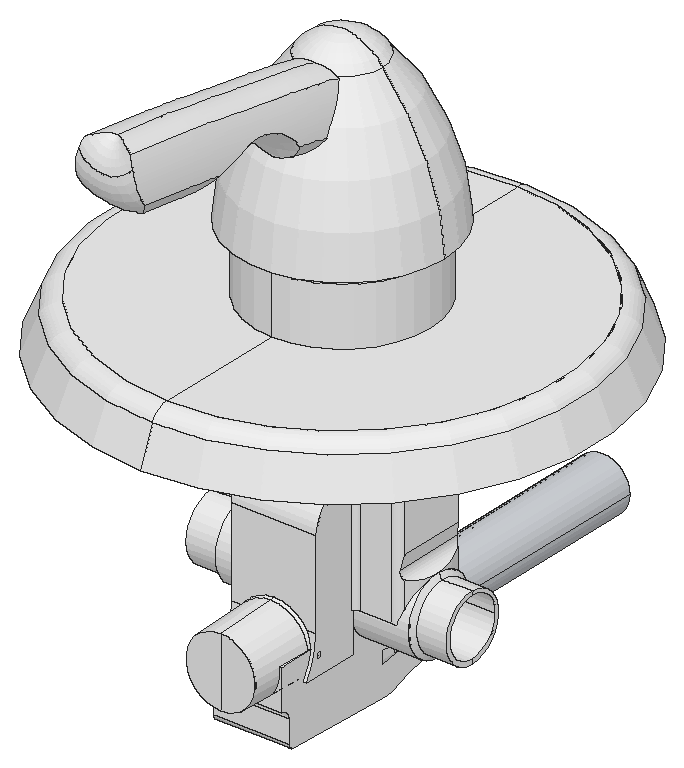
Revit family "S-9600-PLR", category Plumbing Fixtures, host Face, Revit 2021
Family settings
  Host = Face
  Round Connector Dimension = Use Diameter
  Part Type = Normal
  OmniClass Number = 23.65.70.11.11
  OmniClass Title = Fixtures for Liquids
  Cut with Voids When Loaded = No
  Shared = No
  Room Calculation Point = No
Parameters (values of type "1.2 GPM Flow Restrictor, Chrome")
  z Wide Lever = 0
  z Visibility = no
  z Valve = M Valve&diverter : Chrome
  z Type Model = 0
  z Type GPM = 0
  z Type Finish = 0
  z Type = 0
  z Slip On Tub = 0
  z Showerhead = shower head : Chrome
  z Reverse Core = 0
  z Pipe Radius = 0.000"
  z Overall Width = 0.000"
  z Overall Height = 0.000"
  z Overall Depth = 0.000"
  z Offset = 0.000"
  z Integral Service Stops = 0
  z Has Wide Lever Handle = no
  z Has Volume Control = no
  z Has Trim = no
  z Has Slip On Tub Spout = no
  z Has Showerhead = no
  z Has Reverse Core = no
  z Has Rebuild Kit Trim Only = no
  z Has Integral Service Stops = no
  z Has Check Stops = no
  z Has 2.0 GPM Flow Restrictor = no
  z Has 1.5 GPM Flow Restrictor = no
  z Has .5 Inch Female Connections = no
  z GPM Number = 0
  z GPM GPM = 0.000 GPM
  z Flow Rate = 0
  z Error Box Width = 0.000"
  z Error Box Height = 0.000"
  z Error Box Depth = 0.000"
  z .5 Inch Female Connections = 0
  z  Showerhead = 0
  Waste Connection = no
  Vent Connection = no
  URL = ""
  Product Material = Chrome - Symmons - Polished
  Model = ""
  Manufacturer = ""
  HW Connection = no
  Gallons Per Minute = 0.000 GPM
  Description = ""
  Default Elevation = 0.000"
  Date Modified = ""
  Date Created = ""
  CW Connection = no
Types (8): name | z Visibility | z Has Wide Lever Handle | z Has Volume Control | z Has Slip On Tub Spout | z Has Showerhead | z Has Reverse Core | z Has Integral Service Stops | z Has Check Stops | z Has 2.0 GPM Flow Restrictor | z Has 1.5 GPM Flow Restrictor | z Has .5 Inch Female Connections | Product Material | Gallons Per Minute
  1.2 GPM Flow Restrictor, Chrome | no | no | no | no | no | no | no | no | no | no | no | Chrome - Symmons - Polished | 0.000 GPM
  1.2 GPM Flow Restrictor, Satin Nickel | yes | yes | yes | yes | yes | yes | yes | yes | yes | yes | yes | Nickel - Symmons - Satin | 1.200 GPM
  1.5 GPM Flow Restrictor, Satin Nickel | yes | yes | yes | yes | yes | yes | yes | yes | yes | yes | yes | Nickel - Symmons - Satin | 1.500 GPM
  1.75 GPM Flow Restrictor, Satin Nickel | yes | yes | yes | yes | yes | yes | yes | yes | yes | yes | yes | Nickel - Symmons - Satin | 1.750 GPM
  2.0 GPM Flow Restrictor, Satin Nickel | yes | yes | yes | yes | yes | yes | yes | yes | yes | yes | yes | Nickel - Symmons - Satin | 0.000 GPM
  1.5 GPM Flow Restrictor, Chrome | yes | yes | yes | yes | yes | yes | yes | yes | yes | yes | yes | Chrome - Symmons - Polished | 1.500 GPM
  1.75 GPM Flow Restrictor, Chrome | yes | yes | yes | yes | yes | yes | yes | yes | yes | yes | yes | Chrome - Symmons - Polished | 1.750 GPM
  2.0 GPM Flow Restrictor, Chrome | yes | yes | yes | yes | yes | yes | yes | yes | yes | yes | yes | Chrome - Symmons - Polished | 2.000 GPM
Reference planes (in)
  plane 1 "Center (Front/Back)": y = 0
  plane 2 "Center (Elevation)": z = 0
  plane 3 "Center (Left/Right)": x = 0
  plane 4: x = -3.75
  plane 5: y = 28.5
  plane 6: x = 3.75
  plane 7: z = 0
  plane 8: z = 9.325
  plane 9: y = -12
  plane 10: y = 45
  plane 11: z = 0
Dimensions and locks (in)
  equal spacing: plane 4, plane 3 "Center (Left/Right)", plane 6
  plane 4 to plane 6 = 7.500"
  plane 5 to plane 1 "Center (Front/Back)" = 28.500"
  plane 7 to plane 2 "Center (Elevation)" = 0.000"
  plane 8 to plane 7 = 9.325"
  locked: plane 1 "Center (Front/Back)" to plane 9 at 12
  locked: plane 10 to plane 1 "Center (Front/Back)" at 45
  plane 11 to plane 7 = 0.000"
  plane 10 to plane 9 = 57.000"
  aligned and locked: plane 2 "Center (Elevation)" to host face
  aligned and locked: level to host face
Automatic sketch dimensions
  host sketch curve to host sketch curve = 7.44425"
  host sketch curve to host sketch curve = 9.07508"
Nested families (in)
  nested 1: "M Valve&diverter" at (-0.00649, 0.06617, 0), type "Satin Nickel"
    with zz Length 9 4.000", zz Length 10 0.100", Part Number "3500-CYL-B", Part Description "Shower Valve System with Symmons Temptrol mixing valve,Chrome", Equipment Number ""
Connectors (in)
  piping at (-0.06456, 3.81617, -3.0625), diameter 0.5
    settings: on nested 1, index 2, connector inside diameter 24", connector length 0.000", flow factor 0, pipe flow 0.000 GPM, pressure drop 0.00 psi, fitting loss kfactor 0, connector angle 0.000°, fixture units 0, engagement length 0.000", angle of deflection 0.000°, flow configuration 0, flow direction 2, fitting loss method 0, system type 29, joint type 0, gender type 0, connector reference index -1, connector utility 0, adjustable connector no, is connector primary yes, connector description "Mixed Water Out"
  piping at (-0.00649, -1.68583, -2.59375), diameter 0.5
    settings: on nested 1, index 4, connector inside diameter 24", connector length 0.000", flow factor 0, pipe flow 0.000 GPM, pressure drop 0.00 psi, fitting loss kfactor 0, connector angle 0.000°, fixture units 0, engagement length 0.000", angle of deflection 0.000°, flow configuration 0, flow direction 1, fitting loss method 0, system type 22, joint type 0, gender type 0, connector reference index -1, connector utility 0, adjustable connector no, is connector primary no, connector description "Tub Spout Supply"
  piping at (-1.50649, 0.12939, -2.3711), diameter 0.5
    settings: on nested 1, index 5, connector inside diameter 24", connector length 0.000", flow factor 0, pipe flow 0.000 GPM, pressure drop 0.00 psi, fitting loss kfactor 0, connector angle 0.000°, fixture units 0, engagement length 0.000", angle of deflection 0.000°, flow configuration 0, flow direction 1, fitting loss method 0, system type 20, joint type 0, gender type 0, connector reference index -1, connector utility 0, adjustable connector no, is connector primary no, connector description "Cold Water Supply"
  piping at (1.49351, 0.00028, -2.3711), diameter 0.5
    settings: on nested 1, index 6, connector inside diameter 24", connector length 0.000", flow factor 0, pipe flow 0.000 GPM, pressure drop 0.00 psi, fitting loss kfactor 0, connector angle 0.000°, fixture units 0, engagement length 0.000", angle of deflection 0.000°, flow configuration 0, flow direction 1, fitting loss method 0, system type 19, joint type 0, gender type 0, connector reference index -1, connector utility 0, adjustable connector no, is connector primary no, connector description "Hot Water Supply"
Definition of nested family "M Valve&diverter"
  Parameters (values of type "Satin Nickel")
    zz Text 2 = "None Selected"
    zz Text 1 = "None Selected"
    zz Length 9 [instance] = 4.000"
    zz Length 10 [instance] = 0.100"
    URL = ""
    Product Page URL = ""
    Product Material = none
    Product Documentation Link = ""
    Part Number [instance] = ""
    Part Description [instance] = ""
    Model Disclaimer = ""
    Model = ""
    Manufacturer = ""
    Family Version = ""
    Equipment Number [instance] = ""
    Equipment Abbreviation = ""
    Description = ""
    Default Elevation = 0.000"
    Date Modified = ""
    Date Created = ""
    Copyright = ""
  Types (2): name | zz Length 9 | zz Length 10
    Chrome | 0.000" | 0.000"
    Satin Nickel | 4.000" | 0.100"
  Reference planes (in)
    plane 1 "Center (Front/Back)": y = 0
    plane 2 "Center (Elevation)": z = 0
    plane 3 "Center (Left/Right)": x = 0
    plane 4: x = -16
    plane 5: y = 3.75
    plane 6: y = -3.75
    plane 7: x = 16
    plane 8: z = 0
    plane 9: x = 3.25
    plane 10: x = -3.25
    plane 11: y = -5.75
  Forms (in)
    Extrusion 1, solid, material <- "Product Material"
      sketch origin (0, 0, 0) x (1, 0, 0) y (0, 1, 0)
        loop
          line (-3.25, 3.75) -> (-3.25, -3.75) -> (3.25, -3.75) -> (3.25, 3.75) -> (-3.25, 3.75)
      from 0 to -0.49403
    Revolve 2, solid, material <- "Product Material"
      sketch origin (0, 0, 0) x (0, 1, 0) y (0, 0, 1)
        loop
          arc (0.78273, -0.21014) -> (0.79592, -0.17085) -> (0.83013, -0.14747) r 0.06513
          arc (0.83013, -0.14747) -> (0.84009, -0.12344) -> (0.84348, -0.09765) r 0.09964
          line (0.84348, -0.09765) -> (0.84348, 0) -> (0, 0) -> (0, -2.3428) -> (0.57152, -2.3428) -> (0.57152, -1.79847)
          arc (0.57152, -1.79847) -> (0.58367, -1.75995) -> (0.61571, -1.73536) r 0.06717
          arc (0.61571, -1.73536) -> (0.64467, -1.71314) -> (0.65565, -1.67832) r 0.06069
          line (0.65565, -1.67832) -> (0.65565, -1.20182)
          arc (0.65565, -1.20182) -> (0.6595, -1.17998) -> (0.67059, -1.16078) r 0.06385
          arc (0.67059, -1.16078) -> (0.68279, -1.13963) -> (0.68703, -1.11559) r 0.07029
          line (0.68703, -1.11559) -> (0.68703, -0.86559)
          arc (0.68703, -0.86559) -> (0.70132, -0.82632) -> (0.72818, -0.79431) r 0.12032
          arc (0.72818, -0.79431) -> (0.74375, -0.77402) -> (0.74929, -0.74906) r 0.05908
          line (0.74929, -0.74906) -> (0.74929, -0.5749)
          arc (0.74929, -0.5749) -> (0.7572, -0.52575) -> (0.78273, -0.48301) r 0.13217
          line (0.78273, -0.48301) -> (0.78273, -0.21014)
        axis (0, 0) -> (0, -2.3428)
      angle from 0 to 360
    Extrusion 3, solid, material <- "Product Material"
      sketch origin (0, 0, 0) x (1, 0, 0) y (0, 1, 0)
        loop
          line (0.48392, 0.42426) -> (0.48392, -0.48198)
          arc (0.48392, -0.48198) -> (0.50866, -0.44973) -> (0.54744, -0.4375) r 0.0676
          line (0.54744, -0.4375) -> (0.91492, -0.4375)
          arc (0.91492, -0.4375) -> (0.98057, -0.42784) -> (1.02672, -0.38015) r 0.10307
          arc (1.02672, -0.38015) -> (1.112, 0) -> (1.02672, 0.38015) r 0.88995
          arc (1.02672, 0.38015) -> (0.97002, 0.41289) -> (0.90554, 0.42426) r 0.18853
          line (0.90554, 0.42426) -> (0.48392, 0.42426)
      from -2.3428 to -0.48301
    Extrusion 4, void
      sketch origin (0, 0, 0) x (1, 0, 0) y (0, 0, 1)
        loop
          arc (1.12128, -0.64291) -> (1.05254, -0.69934) -> (1.02672, -0.78444) r 0.15319
          line (1.02672, -0.78444) -> (1.02672, -1.625) -> (1.00118, -1.76989)
          arc (1.00118, -1.76989) -> (1.0257, -1.88053) -> (1.12128, -1.94142) r 0.14807
          line (1.12128, -1.94142) -> (1.12128, -0.64291)
      from -0.53605 to 0.48198
    Extrusion 5, solid, material <- "Product Material"
      sketch origin (0, 0, 0) x (0, 1, 0) y (0, 0, 1)
        loop
          line (-0.45569, -0.88434) -> (-0.80233, -1.04779)
          arc (-0.80233, -1.04779) -> (-0.93476, -1.17702) -> (-0.98338, -1.35555) r 0.35209
          line (-0.98338, -1.35555) -> (-0.98338, -2.36089)
          arc (-0.98338, -2.36089) -> (-1.01729, -2.59628) -> (-1.11624, -2.81253) r 0.83411
          line (-1.11624, -2.81253) -> (-0.45569, -2.81253) -> (-0.45569, -0.88434)
      from -0.48892 to 0.48392
    Revolve 6, solid, material <- "Product Material"
      sketch origin (0, 0, 0) x (1, 0, 0) y (0, 0, 1)
        loop
          line (-1.5, -2.375) -> (0, -2.375) -> (0, -1.93862) -> (-1.11556, -1.93862) -> (-1.15085, -1.99974) -> (-1.5, -1.99974) -> (-1.5, -2.375)
        axis (-1.5, -2.375) -> (0, -2.375)
      angle from 0 to 360
    Revolve 7, solid, material <- "Product Material"
      sketch origin (0, 0, 0) x (-1, 0, 0) y (0, 0, 1)
        loop
          line (-1.5, -2.375) -> (0, -2.375) -> (0, -1.93862) -> (-1.11556, -1.93862) -> (-1.15085, -1.99974) -> (-1.5, -1.99974) -> (-1.5, -2.375)
        axis (-1.5, -2.375) -> (0, -2.375)
      angle from 0 to 360
    Revolve 8, solid, material <- "Product Material"
      sketch origin (0, 0, 0) x (0, 1, 0) y (0, 0, 1)
        loop
          line (-1.752, -2.59375) -> (-0.9385, -2.59375) -> (-0.92928, -2.10687) -> (-0.9625, -2.10687)
          arc (-0.9625, -2.10687) -> (-0.98073, -2.15089) -> (-1.02475, -2.16912) r 0.06225
          line (-1.02475, -2.16912) -> (-1.752, -2.19419) -> (-1.752, -2.59375)
        axis (-1.752, -2.59375) -> (-0.92928, -2.59375)
      angle from 0 to 360
    Extrusion 9, solid, material <- "Product Material"
      sketch origin (0, 0, 0) x (0, 1, 0) y (0, 0, 1)
        loop
          arc (-1.42289, -3.00473) -> (-1.34077, -3.03875) -> (-1.30675, -3.12087) r 0.11615
          line (-1.30675, -3.12087) -> (-1.30675, -3.38372)
          arc (-1.30675, -3.38372) -> (-1.28934, -3.42574) -> (-1.24732, -3.44315) r 0.05943
          line (-1.24732, -3.44315) -> (0, -3.5)
          arc (0, -3.5) -> (0.14006, -3.49083) -> (0.27481, -3.45154) r 0.64421
          arc (0.27481, -3.45154) -> (0.43086, -3.39856) -> (0.5925, -3.36642) r 1.25845
          line (0.5925, -3.36642) -> (0.5925, -2.61642)
          arc (0.5925, -2.61642) -> (0.48406, -2.62305) -> (0.41944, -2.53572) r 0.11385
          line (0.41944, -2.53572) -> (-1.42289, -2.53572) -> (-1.42289, -3.00473)
      from -0.435 to 0.435
    Revolve 10, solid, material <- "Product Material"
      sketch origin (0, 0, 0) x (0, 1, 0) y (0, 0, 1)
        loop
          line (3.75, -2.7503) -> (1.30968, -2.7503) -> (1.30968, -2.68666) -> (1.28596, -2.66294) -> (0.03673, -2.61932) -> (0.02125, -3.0625) -> (3.75, -3.0625) -> (3.75, -2.7503)
        axis (3.75, -3.0625) -> (0.02125, -3.0625)
      angle from 0 to 360
    Extrusion 11, void
      sketch origin (0, 0, 0) x (0, 1, 0) y (0, 0, 1)
        loop
          circle (0, -2.3685) r 0.32942
      from 1.02672 to 1.55897
    Extrusion 12, void
      sketch origin (0, 0, 0) x (0, 1, 0) y (0, 0, 1)
        loop
          circle (0, -2.3685) r 0.31609
      from -1.52114 to -1.11556
    Extrusion 13, void
      sketch origin (0, 0, 0) x (1, 0, 0) y (0, 0, 1)
        loop
          circle (0, -3.0625) r 0.29035
      from -3.97508 to -1.47369
    Extrusion 14, solid, material <- "Product Material"
      sketch origin (0, 0, 0) x (1, 0, 0) y (0, 1, 0)
        loop
          arc (1.08564, 0.21875) -> (1.02508, 0.24383) -> (1, 0.30439) r 0.08564
          line (1, 0.30439) -> (1, -0.30345)
          arc (1, -0.30345) -> (1.02481, -0.24356) -> (1.0847, -0.21875) r 0.0847
          line (1.0847, -0.21875) -> (1.43326, -0.21875)
          arc (1.43326, -0.21875) -> (1.47484, -0.20186) -> (1.5, -0.16471) r 0.07721
          line (1.5, -0.16471) -> (1.5, 0.15076)
          arc (1.5, 0.15076) -> (1.48008, 0.19883) -> (1.43201, 0.21875) r 0.06799
          line (1.43201, 0.21875) -> (1.08564, 0.21875)
      from -0.65249 to -0.48301
    Extrusion 15, solid, material <- "Product Material"
      sketch origin (0, 0, 0) x (-1, 0, 0) y (0, -1, 0)
        loop
          line (1.08564, -0.21875) -> (1.43201, -0.21875)
          arc (1.43201, -0.21875) -> (1.48008, -0.19883) -> (1.5, -0.15076) r 0.06799
          line (1.5, -0.15076) -> (1.5, 0.16471)
          arc (1.5, 0.16471) -> (1.47484, 0.20186) -> (1.43326, 0.21875) r 0.07721
          line (1.43326, 0.21875) -> (1.0847, 0.21875)
          arc (1.0847, 0.21875) -> (1.02481, 0.24356) -> (1, 0.30345) r 0.0847
          line (1, 0.30345) -> (1, -0.30439)
          arc (1, -0.30439) -> (1.02508, -0.24383) -> (1.08564, -0.21875) r 0.08564
      from -0.65249 to -0.48301
    Extrusion 16, solid, material <- "Product Material", not visible
      sketch origin (1.5, 0, -2.375) x (0, 1, 0) y (0, 0, 1)
        loop
          circle (0, 0) r 0.4
      from -2.74731 to 0
    Extrusion 17, solid
      sketch origin (0, 0, 0) x (1, 0, 0) y (0, 0, 1)
        loop
          circle (0, -3.0625) r 0.3122
      from -3.75 to -1.30968
  Cuts and joins
    Extrusion 4, Extrusion 11, Extrusion 12 cuts Extrusion 3
    Extrusion 11, Extrusion 12 cuts Revolve 2
    Extrusion 11, Extrusion 12, Extrusion 13 cuts Revolve 6
    Extrusion 11, Extrusion 12, Extrusion 13 cuts Revolve 7
    Extrusion 11, Extrusion 12, Extrusion 13 cuts Extrusion 9
    Extrusion 11, Extrusion 12, Extrusion 13 cuts Revolve 10
    Extrusion 13 cuts Revolve 8
  Dimensions and locks (in)
    equal spacing: plane 4, plane 3 "Center (Left/Right)", plane 7, locked at 16 each
    plane 4 to plane 7 = 32.000"
    equal spacing: plane 5, plane 1 "Center (Front/Back)", plane 6
    locked: plane 5 to plane 6 at 7.5
    equal spacing: plane 10, plane 3 "Center (Left/Right)", plane 9
    locked: plane 10 to plane 9 at 6.5
    locked: plane 6 to plane 11 at 2
    aligned and locked: plane 2 "Center (Elevation)" to Extrusion 1
    aligned and locked: level to Extrusion 1
  Automatic sketch dimensions
    Extrusion 1 sketch curve to Extrusion 1 sketch curve = 6.500"
    Extrusion 1 sketch curve to Extrusion 1 sketch curve = 7.500"
    Revolve 2 sketch curve to plane 1 "Center (Front/Back)" = 0.000"  (x2)
    Revolve 2 sketch curve to level = 0.000"  (x2)
    Revolve 2 sketch curve to plane 1 "Center (Front/Back)" = 0.57152"
    Revolve 2 sketch curve to Revolve 2 sketch curve = 0.02344"
    Revolve 2 sketch curve to Revolve 2 sketch curve = 0.02178"
    Revolve 2 sketch curve to Revolve 2 sketch curve = 0.06717"
    Revolve 2 sketch curve to Revolve 2 sketch curve = 0.03891"
    Revolve 2 sketch curve to Revolve 2 sketch curve = 0.07029"
    Revolve 2 sketch curve to Revolve 2 sketch curve = 0.00318"
    Revolve 2 sketch curve to Revolve 2 sketch curve = 0.06385"
    Revolve 2 sketch curve to level = 0.09765"
    Revolve 2 sketch curve to Revolve 2 sketch curve = 0.05364"
    Revolve 2 sketch curve to Revolve 2 sketch curve = 0.05908"
    Revolve 2 sketch curve to Revolve 2 sketch curve = 0.03345"
    Revolve 2 sketch curve to Revolve 2 sketch curve = 0.11849"
    Revolve 2 sketch curve to Revolve 2 sketch curve = 0.09964"
    Revolve 2 sketch curve to Revolve 2 sketch curve = 0.06513"
    Revolve 2 sketch curve to Revolve 2 sketch curve = 0.09866"
    Revolve 2 sketch curve to Revolve 2 sketch curve = 0.11248"
    Revolve 2 sketch curve to Revolve 2 sketch curve = 0.27287"
    Revolve 2 sketch curve to Revolve 2 sketch curve = 0.08794"
    Revolve 2 sketch curve to Revolve 2 sketch curve = 0.17415"
    Revolve 2 sketch curve to Revolve 2 sketch curve = 0.11653"
    Revolve 2 sketch curve to Revolve 2 sketch curve = 0.02089"
    Revolve 2 sketch curve to Revolve 2 sketch curve = 0.250"
    Revolve 2 sketch curve to Revolve 2 sketch curve = 0.08623"
    Revolve 2 sketch curve to Revolve 2 sketch curve = 0.47651"
    Revolve 2 sketch curve to Revolve 2 sketch curve = 0.12015"
    Revolve 2 sketch curve to Revolve 2 sketch curve = 0.54433"
    Revolve 2 sketch curve to Revolve 2 sketch curve = 1.54875"
    plane 1 "Center (Front/Back)" to Extrusion 3 sketch curve = 0.000"
    plane 3 "Center (Left/Right)" to Extrusion 3 sketch curve = 0.22205"
    plane 3 "Center (Left/Right)" to Extrusion 3 sketch curve = 0.48392"
    Extrusion 3 sketch curve to Extrusion 3 sketch curve = 0.06352"
    Extrusion 3 sketch curve to Extrusion 3 sketch curve = 0.42162"
    Extrusion 3 sketch curve to Extrusion 3 sketch curve = 0.36748"
    Extrusion 3 sketch curve to Extrusion 3 sketch curve = 0.01862"
    plane 1 "Center (Front/Back)" to Extrusion 3 sketch curve = 0.33613"
    Extrusion 3 sketch curve to Extrusion 3 sketch curve = 0.10137"
    Extrusion 3 sketch curve to Extrusion 3 sketch curve = 0.04448"
    Extrusion 3 sketch curve to plane 1 "Center (Front/Back)" = 0.23573"
    Extrusion 3 sketch curve to Extrusion 3 sketch curve = 0.18853"
    Extrusion 3 sketch curve to Extrusion 3 sketch curve = 0.12119"
    plane 3 "Center (Left/Right)" to Extrusion 4 sketch curve = 1.00118"
    Extrusion 4 sketch curve to Extrusion 4 sketch curve = 0.02555"
    Extrusion 4 sketch curve to Extrusion 4 sketch curve = 0.12011"
    Extrusion 4 sketch curve to Extrusion 4 sketch curve = 0.14582"  (x2)
    Extrusion 4 sketch curve to Extrusion 4 sketch curve = 0.15319"
    Extrusion 4 sketch curve to level = 1.94142"
    Extrusion 4 sketch curve to Extrusion 4 sketch curve = 0.14489"
    Extrusion 4 sketch curve to level = 0.78444"
    plane 1 "Center (Front/Back)" to Extrusion 5 sketch curve = 1.8175"
    Extrusion 5 sketch curve to Extrusion 5 sketch curve = 0.70126"
    plane 1 "Center (Front/Back)" to Extrusion 5 sketch curve = 0.98338"
    Extrusion 5 sketch curve to Extrusion 5 sketch curve = 0.18106"
    Extrusion 5 sketch curve to Extrusion 5 sketch curve = 0.17103"
    Extrusion 5 sketch curve to Extrusion 5 sketch curve = 0.34663"
    Extrusion 5 sketch curve to level = 2.81253"
    Extrusion 5 sketch curve to Extrusion 5 sketch curve = 1.00534"
    Extrusion 5 sketch curve to Extrusion 5 sketch curve = 0.16345"
    Revolve 6 sketch curve to plane 3 "Center (Left/Right)" = 0.000"  (x2)
    Revolve 6 sketch curve to plane 3 "Center (Left/Right)" = 1.11556"
    Revolve 6 sketch curve to Revolve 6 sketch curve = 0.03529"
    Revolve 6 sketch curve to Revolve 6 sketch curve = 0.34915"
    Revolve 6 sketch curve to level = 2.375"
    Revolve 6 sketch curve to Revolve 6 sketch curve = 0.37526"
    Revolve 6 sketch curve to Revolve 6 sketch curve = 0.43638"
    Revolve 6 sketch curve to Revolve 6 sketch curve = 0.000"  (x2)
    Revolve 7 sketch curve to plane 3 "Center (Left/Right)" = 0.000"  (x2)
    Revolve 7 sketch curve to Revolve 7 sketch curve = 1.11556"
    Revolve 7 sketch curve to Revolve 7 sketch curve = 0.03529"
    Revolve 7 sketch curve to Revolve 7 sketch curve = 0.34915"
    level to Revolve 7 sketch curve = 2.375"
    Revolve 7 sketch curve to Revolve 7 sketch curve = 0.37526"
    Revolve 7 sketch curve to Revolve 7 sketch curve = 0.43638"
    Revolve 7 sketch curve to Revolve 7 sketch curve = 0.000"  (x2)
    Revolve 8 sketch curve to plane 1 "Center (Front/Back)" = 0.000"
    plane 1 "Center (Front/Back)" to Revolve 8 sketch curve = 0.92928"
    Revolve 8 sketch curve to Revolve 8 sketch curve = 0.00922"
    Revolve 8 sketch curve to Revolve 8 sketch curve = 0.03322"
    Revolve 8 sketch curve to Revolve 8 sketch curve = 0.06225"
    Revolve 8 sketch curve to Revolve 8 sketch curve = 0.72725"
    Revolve 8 sketch curve to level = 2.59375"
    Revolve 8 sketch curve to Revolve 8 sketch curve = 0.39956"
    Revolve 8 sketch curve to Revolve 8 sketch curve = 0.42463"
    Revolve 8 sketch curve to Revolve 8 sketch curve = 0.000"  (x2)
    Extrusion 9 sketch curve to plane 1 "Center (Front/Back)" = 0.000"
    plane 1 "Center (Front/Back)" to Extrusion 9 sketch curve = 1.24732"
    Extrusion 9 sketch curve to Extrusion 9 sketch curve = 0.05943"
    Extrusion 9 sketch curve to Extrusion 9 sketch curve = 0.11615"
    Extrusion 9 sketch curve to plane 1 "Center (Front/Back)" = 0.0282"
    Extrusion 9 sketch curve to plane 1 "Center (Front/Back)" = 0.41944"
    Extrusion 9 sketch curve to Extrusion 9 sketch curve = 0.11274"
    Extrusion 9 sketch curve to plane 1 "Center (Front/Back)" = 0.5925"
    Extrusion 9 sketch curve to plane 1 "Center (Front/Back)" = 0.75657"
    Extrusion 9 sketch curve to level = 4.61413"
    Extrusion 9 sketch curve to Extrusion 9 sketch curve = 1.11413"
    Extrusion 9 sketch curve to Extrusion 9 sketch curve = 0.05685"
    Extrusion 9 sketch curve to Extrusion 9 sketch curve = 0.13358"
    Extrusion 9 sketch curve to Extrusion 9 sketch curve = 0.26285"
    Extrusion 9 sketch curve to Extrusion 9 sketch curve = 0.6436"
    Extrusion 9 sketch curve to Extrusion 9 sketch curve = 0.23998"
    Extrusion 9 sketch curve to Extrusion 9 sketch curve = 0.0807"
    Revolve 10 sketch curve to plane 1 "Center (Front/Back)" = 0.000"
    Revolve 10 sketch curve to plane 5 = 0.000"  (x2)
    Revolve 10 sketch curve to plane 1 "Center (Front/Back)" = 0.02125"
    Revolve 10 sketch curve to plane 1 "Center (Front/Back)" = 0.03673"
    Revolve 10 sketch curve to Revolve 10 sketch curve = 1.24924"
    Revolve 10 sketch curve to Revolve 10 sketch curve = 0.02372"  (x2)
    Revolve 10 sketch curve to level = 3.0625"
    Revolve 10 sketch curve to Revolve 10 sketch curve = 0.3122"
    Revolve 10 sketch curve to Revolve 10 sketch curve = 0.06364"
    Revolve 10 sketch curve to Revolve 10 sketch curve = 0.000"
    Extrusion 11 sketch curve to plane 1 "Center (Front/Back)" = 0.000"
    Extrusion 11 sketch curve to level = 2.3685"
    Extrusion 12 sketch curve to plane 1 "Center (Front/Back)" = 0.000"
    Extrusion 12 sketch curve to level = 2.3685"
    Extrusion 13 sketch curve to plane 3 "Center (Left/Right)" = 0.000"
    Extrusion 13 sketch curve to level = 3.0625"
    plane 1 "Center (Front/Back)" to Extrusion 14 sketch curve = 0.30345"
    plane 3 "Center (Left/Right)" to Extrusion 14 sketch curve = 1.000"
    Extrusion 14 sketch curve to Extrusion 14 sketch curve = 0.0847"
    Extrusion 14 sketch curve to Extrusion 14 sketch curve = 0.08564"  (x2)
    Extrusion 14 sketch curve to Extrusion 14 sketch curve = 0.34155"
    Extrusion 14 sketch curve to plane 1 "Center (Front/Back)" = 0.21875"
    Extrusion 14 sketch curve to Extrusion 14 sketch curve = 0.34637"
    Extrusion 14 sketch curve to Extrusion 14 sketch curve = 0.00702"
    Extrusion 14 sketch curve to Extrusion 14 sketch curve = 0.07375"
    Extrusion 14 sketch curve to Extrusion 14 sketch curve = 0.05404"
    Extrusion 14 sketch curve to Extrusion 14 sketch curve = 0.000"
    Extrusion 15 sketch curve to plane 1 "Center (Front/Back)" = 0.30345"
    plane 3 "Center (Left/Right)" to Extrusion 15 sketch curve = 1.000"
    Extrusion 15 sketch curve to Extrusion 15 sketch curve = 0.0847"
    Extrusion 15 sketch curve to Extrusion 15 sketch curve = 0.08564"  (x2)
    Extrusion 15 sketch curve to Extrusion 15 sketch curve = 0.34155"
    plane 1 "Center (Front/Back)" to Extrusion 15 sketch curve = 0.21875"
    Extrusion 15 sketch curve to Extrusion 15 sketch curve = 0.34637"
    Extrusion 15 sketch curve to Extrusion 15 sketch curve = 0.00702"
    Extrusion 15 sketch curve to Extrusion 15 sketch curve = 0.07375"
    Extrusion 15 sketch curve to Extrusion 15 sketch curve = 0.05404"
    Extrusion 15 sketch curve to Extrusion 15 sketch curve = 0.000"
    Extrusion 17 sketch curve to plane 3 "Center (Left/Right)" = 0.000"
    Extrusion 17 sketch curve to level = 3.0625"
    radius of Extrusion 11 sketch curve = 0.32942"
    radius of Extrusion 12 sketch curve = 0.31609"
    radius of Extrusion 13 sketch curve = 0.29035"
    radius of Revolve 7 to Extrusion 16 sketch curve = 0.02474"
    radius of Extrusion 17 sketch curve = 0.3122"
  Nested families (in)
    nested 1: "diverter" at (0, 0, 0), type "Chrome"
      with zz Length 9 0.000", zz Length 10 0.100", Part Number "3500-CYL-B", Part Description "Shower Valve System with Symmons Temptrol mixing valve,Chrome", Equipment Number ""
  Connectors (in)
    piping at (0, -1.752, -2.59375), diameter 0.5
      settings: on cut or joined group of Revolve 8, Extrusion 13, index 3, connector inside diameter 24", connector length 0.000", flow factor 0, pipe flow 0.000 GPM, pressure drop 0.00 psi, fitting loss kfactor 0, connector angle 0.000°, fixture units 0, engagement length 0.000", angle of deflection 0.000°, flow configuration 0, flow direction 1, fitting loss method 0, system type 22, joint type 0, gender type 0, connector reference index -1, connector utility 0, adjustable connector no, is connector primary yes, connector description "Tub Spout Supply"
    piping at (1.5, 0, -2.375), diameter 0.5
      settings: on Extrusion 16, index 4, connector inside diameter 24", connector length 0.000", flow factor 0, pipe flow 0.000 GPM, pressure drop 0.00 psi, fitting loss kfactor 0, connector angle 0.000°, fixture units 0, engagement length 0.000", angle of deflection 0.000°, flow configuration 0, flow direction 1, fitting loss method 0, system type 20, joint type 0, gender type 0, connector reference index -1, connector utility 0, adjustable connector no, is connector primary no, connector description "Cold Water Supply"
    piping at (-1.24731, 0, -2.375), diameter 0.5
      settings: on Extrusion 16, index 5, connector inside diameter 24", connector length 0.000", flow factor 0, pipe flow 0.000 GPM, pressure drop 0.00 psi, fitting loss kfactor 0, connector angle 0.000°, fixture units 0, engagement length 0.000", angle of deflection 0.000°, flow configuration 0, flow direction 1, fitting loss method 0, system type 19, joint type 0, gender type 0, connector reference index -1, connector utility 0, adjustable connector no, is connector primary no, connector description "Hot Water Supply"
    piping at (0, 3.75, -3.0625), diameter 0.5
      settings: on Extrusion 17, index 6, connector inside diameter 24", connector length 0.000", flow factor 0, pipe flow 0.000 GPM, pressure drop 0.00 psi, fitting loss kfactor 0, connector angle 0.000°, fixture units 0, engagement length 0.000", angle of deflection 0.000°, flow configuration 0, flow direction 2, fitting loss method 0, system type 29, joint type 0, gender type 0, connector reference index -1, connector utility 0, adjustable connector no, is connector primary no, connector description "Mixed Water Out"
  Definition of nested family "diverter"
    Parameters (values of type "Satin Nickel")
      zz Text 2 = "None Selected"
      zz Text 1 = "None Selected"
      zz Length 9 [instance] = 0.000"  # constant formula
      zz Length 10 [instance] = 0.000"
      Waste Connection = no
      Vent Connection = no
      URL = ""
      Product Page URL = ""
      Product Material = none
      Product Documentation Link = ""
      Part Number [instance] = ""
      Part Description [instance] = ""
      Model Disclaimer = ""
      Model = ""
      Manufacturer = ""
      HW Connection = no
      Family Version = ""
      Equipment Number [instance] = ""
      Equipment Abbreviation = ""
      Description = ""
      Default Elevation = 0.000"  # constant formula
      Date Modified = ""
      Date Created = ""
      Copyright = ""
      CW Connection = no
    Types (2): name
      Polished Chrome
      Satin Nickel
    Reference planes (in)
      plane 1 "Center (Front/Back)": y = 0
      plane 2 "Center (Elevation)": z = 0
      plane 3 "Center (Left/Right)": x = 0
    Forms (in)
      Extrusion 1, solid, material <- "Product Material", not visible
        sketch origin (0, 0, 0) x (1, 0, 0) y (0, 1, 0)
          loop
            line (-3.25, 3.75) -> (-3.25, -3.75) -> (3.25, -3.75) -> (3.25, 3.75) -> (-3.25, 3.75)
        from 0 to -0.49403
      Revolve 2, solid, material <- "Product Material"
        sketch origin (0, 0, 0) x (1, 0, 0) y (0, 0, 1)
          loop
            line (0, 1.32575) -> (0, 3.29294)
            arc (0, 3.29294) -> (-0.26223, 3.22792) -> (-0.46371, 3.04793) r 0.56132
            arc (-0.46371, 3.04793) -> (-0.97637, 2.2511) -> (-1.18004, 1.32575) r 2.68262
            line (-1.18004, 1.32575) -> (0, 1.32575)
          axis (0, 1.32575) -> (0, 3.29294)
        angle from 0 to 360
      Sweep 3, solid, material <- "Product Material"
        path origin (0, 0, 0) x (0, 1, 0) y (0, 0, 1)
          loop
            spline (-3.46104, 3.64859) -> (-2.7314, 3.54557) -> (-2.31762, 3.48227) -> (-2.05814, 3.43692) -> (-1.8128, 3.39104) -> (-1.56301, 3.34459) -> (-1.33191, 3.3037) -> (-1.12101, 3.26778) -> (-0.91375, 3.23067) -> (-0.69389, 3.18625) -> (-0.44827, 3.12911) -> (-0.15184, 3.03897) -> (0.27347, 2.83202)
        profile origin (0, -1.33191, 3.3037) x (0, 0.168931, 0.985628) y (1, 0, 0)
          loop
            arc (-0.82742, 0) -> (-0.75571, -0.21852) -> (-0.58525, -0.37291) r 0.44918
            arc (-0.58525, -0.37291) -> (-0.32566, -0.3437) -> (-0.07626, -0.26597) r 1.3764
            arc (-0.07626, -0.26597) -> (-0.01085, -0.14081) -> (0, 0) r 0.35132
            arc (0, 0) -> (-0.01085, 0.14081) -> (-0.07626, 0.26597) r 0.35132
            arc (-0.07626, 0.26597) -> (-0.32566, 0.3437) -> (-0.58525, 0.37291) r 1.3764
            arc (-0.58525, 0.37291) -> (-0.75571, 0.21852) -> (-0.82742, 0) r 0.44918
      Revolve 4, void
        sketch origin (0, 0, 0) x (0, 1, 0) y (0, 0, 1)
          loop
            arc (-0.95581, 2.28645) -> (-0.96929, 2.34342) -> (-0.98932, 2.39844) r 0.50162
            arc (-0.98932, 2.39844) -> (-1.40662, 2.81321) -> (-1.99486, 2.82526) r 0.79126
            line (-1.99486, 2.82526) -> (-2.55581, 2.71622)
            arc (-2.55581, 2.71622) -> (-2.71348, 2.71297) -> (-2.87024, 2.7302) r 1.21378
            arc (-2.87024, 2.7302) -> (-3.02083, 2.76634) -> (-3.16589, 2.82059) r 1.2673
            arc (-3.16589, 2.82059) -> (-3.37699, 3.01068) -> (-3.43607, 3.28854) r 0.45972
            arc (-3.43607, 3.28854) -> (-3.35265, 3.50817) -> (-3.1716, 3.6579) r 0.45972
            line (-3.1716, 3.6579) -> (-3.86299, 3.76709) -> (-4.02039, 2.77044) -> (-0.95581, 2.28645)
          axis (-0.79841, 3.2831) -> (-3.86299, 3.76709)
        angle from -75.816 to 75.039
      Revolve 5, solid, material <- "Product Material"
        sketch origin (0, 0, 0) x (0, 1, 0) y (0, 0, 1)
          loop
            line (0, 2.22775) -> (-0.16651, 2.22775) -> (-0.20247, 2.19179) -> (-0.20247, 1.69179) -> (-0.2295, 1.66476) -> (-0.2295, 1.57075) -> (-0.33051, 1.57075) -> (-0.33051, 1.45083) -> (-0.37303, 1.40831) -> (-0.37303, 1.37325) -> (-0.40664, 1.37325) -> (-0.48106, 1.29883) -> (-0.50016, 1.26575) -> (-0.96713, 1.26575)
            arc (-0.96713, 1.26575) -> (-1.00171, 1.25143) -> (-1.01603, 1.21685) r 0.0489
            line (-1.01603, 1.21685) -> (-1.01603, 0.54853) -> (-2.52384, 0.54853)
            arc (-2.52384, 0.54853) -> (-2.64884, 0.51387) -> (-2.73813, 0.41977) r 0.2427
            line (-2.73813, 0.41977) -> (-2.90773, 0) -> (-2.75674, 0) -> (-2.59168, 0.40853) -> (0, 0.40853) -> (0, 2.22775)
          axis (0, 2.22775) -> (0, 0)
        angle from 0 to 360
    Cuts and joins
      Revolve 4 cuts Sweep 3
    Dimensions and locks (in)
      aligned and locked: plane 2 "Center (Elevation)" to Extrusion 1
      aligned and locked: level to Extrusion 1
